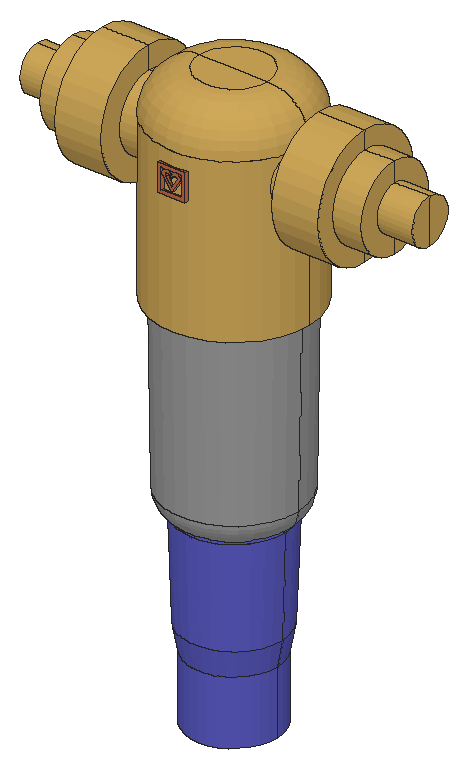
Revit family "Фильтр для холодной воды 0553", category Rohrzubehör, Revit 2021
Family settings
  Bemaßung runder Anschluss = Durchmesser verwenden
  Teiletyp = Unterbricht
  OmniClass-Nummer = 23.65.55.14
  OmniClass-Titel = Valves for Liquid Services
  Arbeitsebenenbasiert = Nein
  Immer vertikal = Ja
  Beim Laden mit Abzugskörper schneiden = Nein
  Gemeinsam genutzt = Nein
Parameters
  Фильтрующий элемент = "нержавеющая сталь, тонкость фильтрации 100 мкм"  # constant formula
  Среда = "Питьевая вода"  # constant formula
  Примечание = "В соответствии со статьей 33 Регламента REACH (Registration; Evaluation; Authorisation; Restriction of Chemicals) (EC № 1907/2006) мы обязаны указать, что свинец внесен в список SVHC (Substances of Very High Concern - вещества очень высокой важности) и весовой процент свинца во всех латунных компонентах заводского изготовления в наших изделиях, превышает 0,1 % (w/w) (CAS: 7439-92-1 / EINECS: 231-100-4).\r\nПоскольку свинец является легирующим компонентом сплава, прямое негативное влияние исключается, и поэтому дополнительной информации о безопасном использовании не требуется."
  Макс. рабочее давление = 1600000.0 Pa  # constant formula
  Макс. рабочая температура = 30 °C  # constant formula
  Корпус = "латунь, CW617N"  # constant formula
  Исполнение = "HERZ-фильтр для воды устанавливается на вводе в здание для предотвращения попадания загрязнений в питьевую воду."
  W02 = 88.00°  # constant formula
  W01 = 89.00°  # constant formula
  Vorgabe-Ansicht = 0.000 mm
  VRS01 = 10.000 mm  # constant formula
  SC_NennweiteBerechnet = 0
  SC_Dimension = ""
  SCTWSEQ = "FI;SBT_TYP_FI=\"FI\";2"
  SCTWCODE = "02;00;02"  # constant formula
  S01 [instance] = (L02 + VRL01 + VRL02) - (L01 / 2)  # 24.750 mm
  Модель = "Фильтр для холодной воды с чашей из прозрачного стеклопластика."
  Чаша = "прозрачный, армированный стекловолокном пластик"  # constant formula
  GT [instance] = size_lookup("0553_", "GT", 1.000 mm, Nennweite)  # 11.900 mm
  VRL02 [instance] = size_lookup("0553_", "VRL2", 1.000 mm, Nennweite)  # 21.750 mm
  VRL01 [instance] = size_lookup("0553_", "VRL1", 1.000 mm, Nennweite)  # 15.500 mm
  VRD02 [instance] = size_lookup("0553_", "VRD2", 1.000 mm, Nennweite)  # 14.000 mm
  VRD01 [instance] = size_lookup("0553_", "VRD1", 1.000 mm, Nennweite)  # 20.000 mm
  URL = "www.herz-armaturen.ru"
  T01 = 1.000 mm  # constant formula
  R02 = 8.000 mm  # constant formula
  R01 = 12.500 mm  # constant formula
  Nennweite [instance] = 15.000 mm
  D02 = 22.750 mm  # constant formula
  L02 [instance] = size_lookup("0553_", "L2", 1.000 mm, Nennweite)  # 28.750 mm
  L01 [instance] = size_lookup("0553_", "L1", 1.000 mm, Nennweite)  # 82.500 mm
  Hersteller = "HERZ Armaturen Ges.m.b.H."  # constant formula
  H04 = 174.000 mm  # constant formula
  H03 = 65.500 mm  # constant formula
  H02 = 45.500 mm  # constant formula
  H01 = 23.000 mm  # constant formula
  Номер заказа [instance] = if(Nennweite = 15.000 mm, "I055301", if(Nennweite = 20.000 mm, "I055302", if(Nennweite = 25.000 mm, "I055303", "0")))  # "I055301"
  AG [instance] = Nennweite / 2  # 7.500 mm
  D01 = 25.500 mm  # constant formula
Reference planes
  plane 1 "Mitte (Vorne/hinten)": y = 0
  plane 2: z = 0
  plane 3 "Mitte (Links/rechts)": x = 0
Forms (mm)
  Revolve 1, solid, material "Messing, weicher Gelbton, geschweißt", detail levels fine
    sketch origin (0, 0, 0) x (1, 0, 0) y (0, 0, 1)
      loop
        line (-41.25, 0) -> (41.25, 0) -> (41.25, 12.5) -> (-41.25, 12.5) -> (-41.25, 0)
      axis (-41.25, 0) -> (41.25, 0)
    angle from 0 to 360
  Revolve 2, solid, material "Messing, weicher Gelbton, geschweißt", detail levels fine
    sketch origin (0, 0, 0) x (1, 0, 0) y (0, 0, 1)
      loop
        line (-28.75, 0) -> (-28.75, 20) -> (-44.25, 20) -> (-44.25, 14) -> (-54.1, 14) -> (-54.1, 7.5) -> (-66, 7.5) -> (-66, 0) -> (-28.75, 0)
      axis (-66, 0) -> (-28.75, 0)
    angle from 0 to 360
  Revolve 3, solid, material "Messing, weicher Gelbton, geschweißt", detail levels fine
    sketch origin (0, 0, 0) x (-1, 0, 0) y (0, 0, 1)
      loop
        line (-28.75, 0) -> (-28.75, 20) -> (-44.25, 20) -> (-44.25, 14) -> (-54.1, 14) -> (-54.1, 7.5) -> (-66, 7.5) -> (-66, 0) -> (-28.75, 0)
      axis (-66, 0) -> (-28.75, 0)
    angle from 0 to 360
  Revolve 4, solid, material "Messing, weicher Gelbton, geschweißt", detail levels fine
    sketch origin (0, 0, 0) x (1, 0, 0) y (0, 0, 1)
      loop
        line (0, -45.5) -> (0, 23) -> (-11.5, 23)
        arc (-11.5, 23) -> (-21.399, 18.899) -> (-25.5, 9) r 14
        line (-25.5, 9) -> (-25.5, -45.5) -> (0, -45.5)
      axis (0, 23) -> (0, -45.5)
    angle from 0 to 360
  Revolve 5, solid, material "ABS-Kunststoff", detail levels fine
    sketch origin (0, 0, 0) x (1, 0, 0) y (0, 0, 1)
      loop
        line (0, -45.5) -> (-22.75, -45.5) -> (-21.744, -103.156)
        arc (-21.744, -103.156) -> (-19.53, -108.542) -> (-14.25, -111) r 8
        line (-14.25, -111) -> (0, -111) -> (0, -45.5)
      axis (0, -45.5) -> (0, -111)
    angle from 0 to 360
  Revolve 6, solid, material "Herz-Marineblau", detail levels fine
    sketch origin (0, 0, 0) x (1, 0, 0) y (0, 0, 1)
      loop
        line (-14.75, -174) -> (0, -174) -> (0, -110.996) -> (-17.5, -110.996) -> (-16.347, -144) -> (-14.75, -152.5) -> (-14.75, -174)
      axis (0, -110.996) -> (0, -174)
    angle from 0 to 360
Lines and regions (mm)
  model lines, detail levels coarse+medium
    curve 1: line (-41.25, 0, 23) -> (-41.25, 0, -23)
    curve 2: line (-41.25, 0, -23) -> (41.25, 0, -23)
    curve 3: line (41.25, 0, -23) -> (41.25, 0, 23)
    curve 4: line (41.25, 0, 23) -> (-41.25, 0, 23)
    curve 5: line (41.25, 0, 23) -> (12.5, 0, 0)
    curve 6: line (12.5, 0, 0) -> (41.25, 0, -23)
    curve 7: line (41.25, 0, 23) -> (51.25, 0, 23)
    curve 8: line (51.25, 0, 23) -> (41.25, 0, 0)
    curve 9: line (41.25, 0, -23) -> (51.25, 0, -23)
    curve 10: line (51.25, 0, -23) -> (41.25, 0, 0)
    curve 11: line (41.25, 0, 0) -> (66, 0, 0)
    curve 12: line (-41.25, 0, 23) -> (-51.25, 0, 23)
    curve 13: line (-51.25, 0, 23) -> (-41.25, 0, 0)
    curve 14: line (-41.25, 0, -23) -> (-51.25, 0, -23)
    curve 15: line (-51.25, 0, -23) -> (-41.25, 0, 0)
    curve 16: line (-41.25, 0, 0) -> (-66, 0, 0)
    curve 17: line (-41.25, -23, 0) -> (41.25, -23, 0)
    curve 18: line (-41.25, 23, 0) -> (-41.25, -23, 0)
    curve 19: line (41.25, 23, 0) -> (-41.25, 23, 0)
    curve 20: line (41.25, -23, 0) -> (41.25, 23, 0)
    curve 21: line (41.25, 23, 0) -> (8.232, 0, 0)
    curve 22: line (8.232, 0, 0) -> (41.25, -23, 0)
    curve 23: line (41.25, 23, 0) -> (51.25, 23, 0)
    curve 24: line (51.25, 23, 0) -> (41.25, 0, 0)
    curve 25: line (41.25, -23, 0) -> (51.25, -23, 0)
    curve 26: line (51.25, -23, 0) -> (41.25, 0, 0)
    curve 27: line (-41.25, 23, 0) -> (-51.25, 23, 0)
    curve 28: line (-51.25, 23, 0) -> (-41.25, 0, 0)
    curve 29: line (-41.25, -23, 0) -> (-51.25, -23, 0)
    curve 30: line (-51.25, -23, 0) -> (-41.25, 0, 0)
Dimensions and locks
  "L01": Revolve 1 sketch curve to Revolve 1 sketch curve
  equal spacing: Revolve 1 sketch curve, plane 3 "Mitte (Links/rechts)", Revolve 1 sketch curve
  "R01": Revolve 1 sketch curve to plane 2
  "L02": plane 3 "Mitte (Links/rechts)" to Revolve 2 sketch curve
  "VRL01": Revolve 2 sketch curve to Revolve 2 sketch curve
  "VRL02": Revolve 2 sketch curve to Revolve 2 sketch curve
  "GT": Revolve 2 sketch curve to Revolve 2 sketch curve
  "VRD01": Revolve 2 sketch curve to Revolve 2 sketch curve
  "VRD02": Revolve 2 sketch curve to Revolve 2 sketch curve
  "AG": Revolve 2 sketch curve to Revolve 2 sketch curve
  "VRL01": Revolve 3 sketch curve to Revolve 3 sketch curve
  "VRL02": Revolve 3 sketch curve to Revolve 3 sketch curve
  "GT": Revolve 3 sketch curve to Revolve 3 sketch curve
  "VRD01": Revolve 3 sketch curve to Revolve 3 sketch curve
  "VRD02": Revolve 3 sketch curve to Revolve 3 sketch curve
  "AG": Revolve 3 sketch curve to Revolve 3 sketch curve
  "L02": Revolve 3 sketch curve to plane 3 "Mitte (Links/rechts)"
  "H01": Revolve 4 sketch curve to plane 2
  "D01": Revolve 4 sketch curve to Revolve 4 sketch curve
  "H02": plane 2 to Revolve 4 sketch curve
  "D02": Revolve 5 sketch curve to Revolve 5 sketch curve
  "H02": plane 2 to Revolve 5 sketch curve
  "H03": Revolve 5 sketch curve to Revolve 5 sketch curve
  "H04": plane 2 to Revolve 6 sketch curve
  "D01": nested 1 to plane 1 "Mitte (Vorne/hinten)"
  equal spacing: curve 1, plane 3 "Mitte (Links/rechts)", curve 3
  "H01": curve 4 to level to curve 2
  "L01": curve 1 to curve 3
  "L02": curve 3 to curve 6
  "VRS01": curve 8 to curve 3
  "VRS01": curve 10 to curve 3
  "S01": curve 11 to curve 3
  "VRS01": curve 13 to curve 1
  "VRS01": curve 15 to curve 1
  "S01": curve 16 to Revolve 1
  "L01": curve 18 to curve 20
  equal spacing: curve 18, plane 3 "Mitte (Links/rechts)", curve 20
  "H01": curve 19 to plane 1 "Mitte (Vorne/hinten)" to curve 17
  "VRS01": curve 20 to curve 24
  "VRS01": curve 20 to curve 26
  "VRS01": curve 28 to curve 18
  "VRS01": curve 30 to curve 18
  "R02": radius of Revolve 5 sketch curve
  "W01": angle Revolve 5 sketch curve to Revolve 4
  "W02": angle Revolve 6 sketch curve to Revolve 6 sketch curve
  aligned and locked: level to plane 2
Automatic sketch dimensions
  curve 15 to level = 0.000 mm
  curve 11 to level = 0.000 mm
  curve 8 to level = 0.000 mm
  curve 5 to level = 0.000 mm
  plane 1 "Mitte (Vorne/hinten)" to curve 22 = 0.000 mm
  plane 1 "Mitte (Vorne/hinten)" to curve 28 = 0.000 mm
  plane 1 "Mitte (Vorne/hinten)" to curve 24 = 0.000 mm
  plane 1 "Mitte (Vorne/hinten)" to curve 26 = 0.000 mm
  plane 3 "Mitte (Links/rechts)" to curve 22 = 8.232 mm
  Revolve 1 sketch curve to level = 0.000 mm  (x2)
  Revolve 1 sketch curve to Revolve 1 sketch curve = 1474.830 mm
  Revolve 1 sketch curve to Revolve 1 sketch curve = 1807.448 mm
  Revolve 2 sketch curve to level = 0.000 mm  (x2)
  Revolve 2 sketch curve to Revolve 2 sketch curve = 1440.530 mm
  plane 3 "Mitte (Links/rechts)" to Revolve 2 sketch curve = 1839.148 mm
  Revolve 3 sketch curve to level = 0.000 mm  (x2)
  Revolve 3 sketch curve to Revolve 3 sketch curve = 1440.530 mm
  plane 3 "Mitte (Links/rechts)" to Revolve 3 sketch curve = 1839.148 mm
  Revolve 4 sketch curve to plane 3 "Mitte (Links/rechts)" = 0.000 mm  (x2)
  level to Revolve 4 sketch curve = 9.000 mm
  Revolve 4 sketch curve to Revolve 4 sketch curve = 320.545 mm
  Revolve 4 sketch curve to Revolve 4 sketch curve = 2190.315 mm
  Revolve 5 sketch curve to plane 3 "Mitte (Links/rechts)" = 0.000 mm  (x2)
  Revolve 5 sketch curve to plane 3 "Mitte (Links/rechts)" = 21.744 mm
  Revolve 5 sketch curve to Revolve 5 sketch curve = 7.494 mm
  Revolve 5 sketch curve to Revolve 5 sketch curve = 255.045 mm
  level to Revolve 5 sketch curve = 2214.315 mm
  Revolve 6 sketch curve to plane 3 "Mitte (Links/rechts)" = 0.000 mm  (x2)
  Revolve 6 sketch curve to plane 3 "Mitte (Links/rechts)" = 14.750 mm
  Revolve 6 sketch curve to Revolve 6 sketch curve = 1.597 mm
  Revolve 6 sketch curve to plane 3 "Mitte (Links/rechts)" = 17.500 mm
  Revolve 6 sketch curve to Revolve 6 sketch curve = 21.500 mm
  Revolve 6 sketch curve to Revolve 6 sketch curve = 8.500 mm
  Revolve 6 sketch curve to Revolve 6 sketch curve = 192.045 mm
  level to Revolve 6 sketch curve = 2214.315 mm
Nested families
  nested 1: "Herz-Logo-vorne" at (0, -25.5, 0) x (0, 1, 0) z (0, 0, 1), type "Herz-Logo-vorne", detail levels fine
Connectors
  piping at (-66, 0, 0), diameter 15, driven by "Nennweite"
    settings: on Revolve 2, index 1, connector inside diameter 609.6 mm, connector length 0.000 mm, flow factor 0, pipe flow 0.0 L/s, pressure drop 0.0 Pa, fitting loss kfactor 0, connector angle 0.00°, fixture units 0, engagement length 0.000 mm, angle of deflection 0.00°, flow configuration 0, flow direction 1, fitting loss method 0, system type 20, joint type 0, gender type 0, connector reference index -1, connector utility 0, adjustable connector no, is connector primary yes, connector description ""
  piping at (66, 0, 0), diameter 15, driven by "Nennweite"
    settings: on Revolve 3, index 2, connector inside diameter 609.6 mm, connector length 0.000 mm, flow factor 0, pipe flow 0.0 L/s, pressure drop 0.0 Pa, fitting loss kfactor 0, connector angle 0.00°, fixture units 0, engagement length 0.000 mm, angle of deflection 0.00°, flow configuration 0, flow direction 2, fitting loss method 0, system type 20, joint type 0, gender type 0, connector reference index -1, connector utility 0, adjustable connector no, is connector primary no, connector description ""
Definition of nested family "Herz-Logo-vorne"
  Parameters (values of type "Herz-Logo-vorne")
    Default Elevation = 0.000 mm
  Reference planes
    plane 1 "Mitte (Vorne/hinten)": y = 0
    plane 2: z = 0
    plane 3 "Mitte (Links/rechts)": x = 0
  Forms (mm)
    Extrusion 1, solid
      sketch origin (0.732, -0.018, 0.017) x (0, -1, 0) y (0, 0, 1)
        loop
          line (-0.018, -4.517) -> (4.482, -4.517) -> (4.482, 4.483) -> (-4.518, 4.483) -> (-4.518, -4.517) -> (-0.018, -4.517)
        loop
          line (-0.05, -3.48) -> (3.482, -3.48) -> (3.482, 3.483) -> (-3.518, 3.483) -> (-3.518, -3.48) -> (-0.05, -3.48)
        loop
          arc (-0.018, 2.383) -> (-1.543, 3.287) -> (-3.067, 2.383) r 1.738
          arc (-3.067, 2.383) -> (-3.191, 1.899) -> (-3.067, 1.415) r 1.009
          line (-3.067, 1.415) -> (-0.018, -3.281) -> (3.032, 1.415)
          arc (3.032, 1.415) -> (3.156, 1.899) -> (3.032, 2.383) r 1.009
          arc (3.032, 2.383) -> (1.507, 3.287) -> (-0.018, 2.383) r 1.738
        loop
          arc (1.885, 1.272) -> (2.005, 1.675) -> (1.885, 2.079) r 0.74
          arc (1.885, 2.079) -> (1.265, 2.416) -> (0.644, 2.079) r 0.74
          line (0.644, 2.079) -> (-0.018, 0.97) -> (-0.679, 2.079)
          arc (-0.679, 2.079) -> (-1.3, 2.416) -> (-1.921, 2.079) r 0.74
          arc (-1.921, 2.079) -> (-2.04, 1.675) -> (-1.921, 1.272) r 0.74
          line (-1.921, 1.272) -> (-0.018, -1.658) -> (1.885, 1.272)
      from 0 to 1.5
  Dimensions and locks
    aligned and locked: level to plane 2
